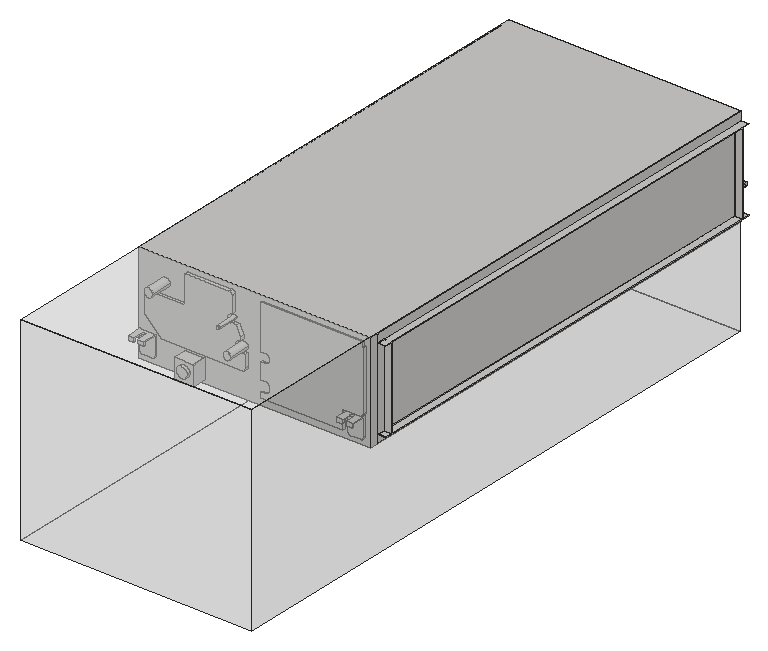
Revit family "outputfile", category 機械設備, Revit 2024
Family settings
  丸型コネクタ寸法 = 半径を使用
  パーツ タイプ = 標準
  OmniClass 番号 = 23.75.10.24.21.27.27
  OmniClass タイトル = Split System Air Conditioning Units
  作業面ベース = いいえ
  常に垂直 = はい
  ロード時にボイドで切り取り = いいえ
  注釈の向きを維持 = いいえ
  共有 = いいえ
  部屋計算ポイント = はい
Parameters (values of type "FXMQ250BFV24")
  Description = ""
  製造元 = "Daikin"
  書き出し IFC クラス(タイプ) = "IfcUnitaryEquipmentType"
  定義済み IFC タイプ(タイプ) = "AIRCONDITIONINGUNIT"
  Cost = 0
  モデル = "FXMQ250BFV24"
  Type Comments = ""
  Keynote = ""
  Type Image = (empty or 0)
  Assembly Code = ""
  w_dischargeflange = 1205.0 mm
  w_suctionflange = 1370.0 mm
  r_Liquid Pipe Size = Liquid Pipe Size / 2  # 4.75 mm
  r_Gas Pipe Size = Gas Pipe Size / 2  # 11.1 mm
  r_Drain Pipe Size = Drain Pipe Size / 2  # 12.5 mm
  lw_powersupply = 380.0 mm  # constant formula
  lw_mountinghole_pitch = 631.0 mm  # constant formula
  lw_mountinghole = 27.0 mm  # constant formula
  lw_maintenacesocket = 169.0 mm  # constant formula
  lw_liquidpipe = 290.0 mm  # constant formula
  lw_gaspipe = 318.0 mm  # constant formula
  lw_drainpipe = 80.0 mm  # constant formula
  lh_dischargeflange = 165.0 mm  # constant formula
  lh_powersupply = 56.0 mm  # constant formula
  lh_maintenacesocket = 40.0 mm  # constant formula
  lh_liquidpipe = 212.0 mm  # constant formula
  lh_gaspipe = 144.0 mm  # constant formula
  lh_drainpipe = 232.0 mm  # constant formula
  lh_suctionflange = 150.0 mm  # constant formula
  lh_antena = Height - lh_mountinghole + 1.0 mm  # 221.0 mm
  ld_dischargeflange = 635.0 mm
  ld_powersupply = Depth / 2  # 700.0 mm
  ld_mountinghole_pitch = 1438.0 mm
  ld_suctionflange = 713.0 mm
  h_dischargeflange = 265.0 mm  # constant formula
  lh_mountinghole = 80.0 mm  # constant formula
  h_mountinghole = [h***] + lh_mountinghole  # 80.0 mm
  h_suctionflange = 297.0 mm  # constant formula
  h*** = 0.0 mm  # constant formula
  d_dischargeflange = 25.0 mm  # constant formula
  d_pipe = 65.0 mm
  d_suctionflange = 25.0 mm  # constant formula
  Width = 700.0 mm
  Voltage_comment_50Hz = "220-240"
  Voltage_50Hz = 230 V
  Version = "ver.1.0"
  Unit Type = "Outdoor Air Processing Unit"
  Unit Mass Weight = 47.00 kg
  Unit Designation [instance] = ""
  Uniclass2015Version = "Products v1.30"
  Uniclass2015Title = "Variable refrigerant flow units"
  Uniclass2015Code = "Pr_70_65_03_94"
  URL = ""
  Total Cooling Capacity [instance] = 0.000 kW
  Supply Air Direction [instance] = yes
  Sound Pressure Level_M speed (dBA) = 36
  Sound Pressure Level_L speed (dBA) = 27
  Sound Pressure Level_H speed (dBA) = 44
  Sound Power Level_H speed (dB) = 0
  Series = "VRV Fan Coil Unit"
  Sensible Cooling Capacity [instance] = 0.000 kW
  SA Duct Size Width = 1160.0 mm
  SA Duct Size Height = 215.0 mm
  Refrigerant Type = "R410A"
  Power Input (Cooling) = 0.180 kW
  Phase_50Hz = 1
  Option Accessory 3 [instance] = ""
  Option Accessory 2 [instance] = ""
  Option Accessory 1 [instance] = ""
  OA Duct Size Width = 1325.0 mm
  OA Duct Size Height = 247.0 mm
  Nominal Cooling Capacity = 28.000 kW
  Minimum External Static Pressure = 50.00 Pa
  Minimum Circuit Amps_50Hz = 3.38 A
  Minimum Airflow = 1080.00 m³/h
  Median Airflow = 1620.00 m³/h
  Maximum Fuse Amps_50Hz = 16.0 A
  Maximum External Static Pressure = 200.00 Pa
  Maximum Airflow = 2160.00 m³/h
  Material_Casing = DAIKIN_GalvanizedSteel_Casing_indoorunit
  Load Classification = HVAC
  Liquid Pipe Size = 9.5 mm
  Link_Nested Family [instance] = ""
  IfcVersion = "0"
  IfcExportType = "AIRCONDITIONINGUNIT"
  IfcExportAs = "IfcUnitaryEquipmentType"
  Height = 300.0 mm
  Heat Exchanger Type = "Cross Fin Coil"
  Gas Pipe Size = 22.2 mm
  Frequency_50Hz = 50 Hz
  Fan Type = "Sirocco Fan"
  Fan Drive = "Direct Drive"
  FCU Tag No. [instance] = ""
  Drain Pipe Size = 25.0 mm
  Design Supply Airflow [instance] = 0.00 m³/h
  Design Outdoor Airflow [instance] = 0.00 m³/h
  Design External Static Pressure [instance] = 0.00 Pa
  Depth = 1400.0 mm
  既定の高さ = 0.0 mm
  Cooling Entering Wet Bulb Temperature [instance] = 0.00 °C
  Cooling Entering Dry Bulb Temperature [instance] = 0.00 °C
  Cooling Ambient Wet Bulb Temperature [instance] = 0.00 °C
  Cooling Ambient Dry Bulb Temperature [instance] = 0.00 °C
  Clearance visibility [instance] = yes
  Clearance Top = 0.0 mm
  Clearance Right = 0.0 mm
  Clearance Rear = 0.0 mm
  Clearance Left = 0.0 mm
  Clearance Front = 450.0 mm
  Clearance Bottom = 300.0 mm
Reference planes
  plane 1 "Center (Front/Back)": y = 0
  plane 2: z = 0
  plane 3 "Center (Left/Right)": x = 0
  plane 4 "Back": y = 700
  plane 5 "Front": y = -700
  plane 6 "Left": x = -350
  plane 7 "Right": x = 350
  plane 8 "Top": z = 0
  plane 9 "Bottom": z = -300
  plane 10: y = 700
  plane 11: y = -1150
  plane 12: x = 350
  plane 13: x = -350
  plane 14: z = 0
  plane 15: z = -600
  plane 16: y = -706
  plane 17: y = -710
  plane 18: y = -741
  plane 19: y = -749
  plane 20: y = -765
  plane 21 "ld_drainpipe": x = -270
  plane 22 "ld_liquidpipe": x = -60
  plane 23 "ld_gaspipe": x = -32
  plane 24 "lh_gaspipe": z = -156
  plane 25 "lh_drainpipe": z = -68
  plane 26 "lh_liquidpipe": z = -88
  plane 27 "h_mountinghole": z = -220
  plane 28: x = -323
  plane 29: x = 308
  plane 30: y = 719
  plane 31: y = -719
  plane 32 "lh_powersuply": z = -244
  plane 33 "ld_powersupply": x = 30
  plane 34 "lh_suctionflange": z = -150
  plane 35 "ld_suctionflange": y = 13
  plane 36 "ld_dischargeflange": y = 65
  plane 37 "lh_dischargeflange": z = -135
  plane 38 "lh_maintenacesocket": z = -260
  plane 39 "lw_maintenacesocket": x = -181
Forms (mm)
  Extrusion 1, solid, material "DAIKIN_GalvanizedSteel_Casing_indoorunit" <- "Material_Casing"
    sketch origin (0, 0, 0) x (1, 0, 0) y (0, 0, 1)
      loop
        line (-350, 0) -> (-350, -300) -> (350, -300) -> (350, 0) -> (-350, 0)
    from -700 to 700
  Extrusion 2, solid, material "DAIKIN_GalvanizedSteel_Casing_indoorunit" <- "Material_Casing"
    sketch origin (0, 0, 0) x (1, 0, 0) y (0, 0, 1)
      loop
        line (23.104, -151.299) -> (41.1, -151.326)
        arc (41.1, -151.326) -> (46.767, -153.673) -> (49.114, -159.34) r 8.015
        line (49.114, -159.34) -> (49.104, -169.302)
        arc (49.104, -169.302) -> (46.761, -174.959) -> (41.104, -177.302) r 8
        line (41.104, -177.302) -> (23.104, -177.302) -> (23.104, -227.302) -> (41.104, -227.302)
        arc (41.104, -227.302) -> (46.761, -229.645) -> (49.104, -235.302) r 8
        line (49.104, -235.302) -> (49.104, -251.302)
        arc (49.104, -251.302) -> (46.761, -256.959) -> (41.104, -259.302) r 8
        line (41.104, -259.302) -> (23.104, -259.302) -> (23.104, -274.802) -> (271.104, -274.802) -> (271.104, -224.802)
        arc (271.104, -224.802) -> (272.568, -221.266) -> (276.104, -219.802) r 5
        line (276.104, -219.802) -> (327.104, -219.802)
        spline (327.104, -219.802) -> (327.496, -219.776) -> (327.88, -219.7) -> (328.252, -219.574) -> (328.604, -219.4) -> (328.93, -219.182) -> (329.225, -218.923) -> (329.484, -218.628) -> (329.702, -218.302) -> (329.876, -217.95) -> (330.002, -217.578) -> (330.078, -217.194) -> (330.104, -216.802)
        line (330.104, -216.802) -> (330.104, -213) -> (332, -213)
        arc (332, -213) -> (334.121, -212.121) -> (335, -210) r 3
        line (335, -210) -> (335, -32)
        arc (335, -32) -> (334.121, -29.879) -> (332, -29) r 3
        line (332, -29) -> (330.104, -29) -> (330.104, -15.8) -> (23.104, -15.8) -> (23.104, -151.299)
    from 700 to 706
  Extrusion 3, solid, material "DAIKIN_GalvanizedSteel_Casing_indoorunit" <- "Material_Casing"
    sketch origin (0, 0, 0) x (1, 0, 0) y (0, 0, 1)
      loop
        line (-70, -15.8) -> (-201, -15.8)
        arc (-201, -15.8) -> (-203.121, -16.679) -> (-204, -18.8) r 3
        line (-204, -18.8) -> (-204, -102) -> (-321, -102)
        arc (-321, -102) -> (-323.121, -102.879) -> (-324, -105) r 3
        line (-324, -105) -> (-324, -167.757)
        arc (-324, -167.757) -> (-323.772, -168.905) -> (-323.121, -169.879) r 3
        line (-323.121, -169.879) -> (-274.879, -218.121)
        arc (-274.879, -218.121) -> (-273.905, -218.772) -> (-272.757, -219) r 3
        line (-272.757, -219) -> (-30, -219)
        arc (-30, -219) -> (-22.929, -216.071) -> (-20, -209) r 10
        line (-20, -209) -> (-20, -172.5) -> (-26.169, -172.5)
        arc (-26.169, -172.5) -> (-49.051, -159.94) -> (-34, -138.615) r 17.5
        line (-34, -138.615) -> (-34, -127.5) -> (-47, -100.5) -> (-56.429, -100.5)
        arc (-56.429, -100.5) -> (-72.874, -89.803) -> (-60, -75) r 13
        line (-60, -75) -> (-60, -25.8)
        arc (-60, -25.8) -> (-62.929, -18.729) -> (-70, -15.8) r 10
    from 710 to 700
  Extrusion 4, solid, material "DAIKIN_GalvanizedSteel_Casing_indoorunit" <- "Material_Casing"
    sketch origin (0, 0, 0) x (1, 0, 0) y (0, 0, 1)
      loop
        line (-209.102, -232.7) -> (-209.102, -292.398) -> (-152.898, -292.398) -> (-152.898, -232.7)
        arc (-152.898, -232.7) -> (-153.133, -232.133) -> (-153.7, -231.898) r 0.802
        line (-153.7, -231.898) -> (-208.298, -231.898)
        arc (-208.298, -231.898) -> (-208.865, -232.133) -> (-209.102, -232.7) r 0.802
    from 700 to 741
  Extrusion 5, solid, material "DAIKIN_GalvanizedSteel_Casing_indoorunit" <- "Material_Casing"
    sketch origin (0, 0, 0) x (1, 0, 0) y (0, 0, 1)
      loop
        circle (-181, -260) r 16.5
    from 741 to 749
  Extrusion 6, solid, material "DAIKIN_GalvanizedSteel_Casing_indoorunit" <- "Material_Casing"
    sketch origin (0, 0, 0) x (1, 0, 0) y (0, 0, 1)
      loop
        circle (-270, -68) r 12.5
      loop
        circle (-60, -88) r 4.75
      loop
        circle (-32, -156) r 11.1
    from 700 to 765
Dimensions and locks
  "Height": plane 8 "Top" to plane 9 "Bottom"
  equal spacing: plane 6 "Left", plane 3 "Center (Left/Right)", plane 7 "Right", locked at 350 each
  "Width": plane 6 "Left" to plane 7 "Right"
  equal spacing: plane 4 "Back", plane 1 "Center (Front/Back)", plane 5 "Front"
  "Depth": plane 4 "Back" to plane 5 "Front"
  "Clearance Left": plane 13 to plane 6 "Left"
  "Clearance Right": plane 7 "Right" to plane 12
  "Clearance Rear": plane 10 to plane 4 "Back"
  "Clearance Front": plane 5 "Front" to plane 11
  "Clearance Top": plane 14 to plane 8 "Top"
  "Clearance Bottom": plane 9 "Bottom" to plane 15
  Extrusion 2 sketch curve to Extrusion 2 sketch curve to Extrusion 2 sketch curve = 307.0 mm locked, 4.896 mm locked
  Extrusion 2 sketch curve to Extrusion 2 sketch curve to Extrusion 2 sketch curve to Extrusion 2 sketch curve to Extrusion 2 sketch curve = 26.0 mm locked, 222.0 mm locked, 59.0 mm locked, 4.896 mm locked
  locked: Extrusion 2 sketch curve to Extrusion 2 sketch curve at 26.01
  locked: Extrusion 2 sketch curve to nested 1 at 23.104
  locked: Extrusion 2 sketch curve to plane 3 "Center (Left/Right)" at 23.104
  plane 3 "Center (Left/Right)" to Extrusion 2 sketch curve = 23.104 mm
  Extrusion 2 sketch curve to Extrusion 2 sketch curve to Extrusion 2 sketch curve to Extrusion 2 sketch curve to Extrusion 2 sketch curve = 161.502 mm locked, 50.0 mm locked, 32.0 mm locked, 15.5 mm locked
  locked: Extrusion 2 sketch curve to Extrusion 2 sketch curve at 68.127
  locked: Extrusion 2 sketch curve to Extrusion 2 sketch curve at 13.2
  locked: Extrusion 2 sketch curve to Extrusion 2 sketch curve at 6.802
  locked: Extrusion 2 sketch curve to Extrusion 2 sketch curve at 55
  locked: plane 5 "Front" to plane 16 at 6
  locked: plane 5 "Front" to plane 17 at 10
  locked: plane 5 "Front" to plane 18 at 41
  "d_pipe": plane 5 "Front" to plane 20
  "lw_drainpipe": plane 6 "Left" to plane 21 "ld_drainpipe"
  "lw_liquidpipe": plane 6 "Left" to plane 22 "ld_liquidpipe"
  "lw_gaspipe": plane 6 "Left" to plane 23 "ld_gaspipe"
  "lh_gaspipe": plane 24 "lh_gaspipe" to plane 9 "Bottom"
  "lh_liquidpipe": plane 26 "lh_liquidpipe" to plane 9 "Bottom"
  "lh_drainpipe": plane 25 "lh_drainpipe" to plane 9 "Bottom"
  "lh_mountinghole": plane 27 "h_mountinghole" to plane 9 "Bottom"
  "lw_mountinghole": plane 6 "Left" to plane 28
  "lw_mountinghole_pitch": plane 28 to plane 29
  equal spacing: plane 30, plane 1 "Center (Front/Back)", plane 31
  "ld_mountinghole_pitch": plane 30 to plane 31
  locked: Extrusion 3 sketch curve to plane 6 "Left" at 146
  locked: Extrusion 3 sketch curve to plane 6 "Left" at 290
  locked: plane 6 "Left" to Extrusion 3 sketch curve at 26
  locked: Extrusion 3 sketch curve to plane 6 "Left" at 316
  locked: Extrusion 3 sketch curve to plane 6 "Left" at 330
  locked: Extrusion 3 sketch curve to plane 9 "Bottom" at 81
  locked: Extrusion 3 sketch curve to plane 9 "Bottom" at 284.2
  locked: Extrusion 3 sketch curve to plane 9 "Bottom" at 199.5
  locked: Extrusion 3 sketch curve to plane 9 "Bottom" at 127.5
  locked: Extrusion 3 sketch curve to plane 9 "Bottom" at 198
  "lh_powersupply": plane 32 "lh_powersuply" to plane 9 "Bottom"
  "lw_powersupply": plane 6 "Left" to plane 33 "ld_powersupply"
  "lh_suctionflange": plane 34 "lh_suctionflange" to plane 9 "Bottom"
  "ld_suctionflange": plane 35 "ld_suctionflange" to plane 5 "Front"
  "ld_dischargeflange": plane 4 "Back" to plane 36 "ld_dischargeflange"
  "lh_dischargeflange": plane 37 "lh_dischargeflange" to plane 9 "Bottom"
  locked: plane 5 "Front" to plane 19 at 49
  "lh_maintenacesocket": plane 38 "lh_maintenacesocket" to plane 9 "Bottom"
  "lw_maintenacesocket": plane 6 "Left" to plane 39 "lw_maintenacesocket"
  equal spacing: Extrusion 4 sketch curve, plane 39 "lw_maintenacesocket", Extrusion 4 sketch curve
  locked: Extrusion 4 sketch curve to Extrusion 4 sketch curve at 56.204
  Extrusion 4 sketch curve to plane 38 "lh_maintenacesocket" to Extrusion 4 sketch curve = 28.102 mm locked, 32.398 mm locked
  "r_Drain Pipe Size": radius of Extrusion 6 sketch curve
  "r_Liquid Pipe Size": radius of Extrusion 6 sketch curve
  "r_Gas Pipe Size": radius of Extrusion 6 sketch curve
  aligned and locked: level to plane 2
  aligned and locked: Extrusion 1 sketch curve to plane 8 "Top"
  aligned and locked: plane 6 "Left" to Extrusion 1 sketch curve
  aligned and locked: plane 9 "Bottom" to Extrusion 1 sketch curve
  aligned and locked: Extrusion 1 sketch curve to plane 7 "Right"
  aligned and locked: plane 4 "Back" to Extrusion 1
  aligned and locked: Extrusion 1 to plane 5 "Front"
  aligned and locked: plane 10 to nested 1
  aligned and locked: plane 11 to nested 1
  aligned and locked: plane 12 to nested 1
  aligned and locked: nested 1 to plane 13
  aligned and locked: plane 15 to nested 1
  aligned and locked: plane 14 to nested 1
  aligned and locked: Extrusion 2 to plane 16
  aligned and locked: plane 5 "Front" to Extrusion 2
  aligned and locked: Extrusion 4 to plane 18
  aligned and locked: plane 5 "Front" to Extrusion 4
  aligned and locked: Extrusion 5 to plane 19
  aligned and locked: plane 18 to Extrusion 5
  aligned and locked: plane 25 "lh_drainpipe" to Extrusion 6 sketch curve
  aligned and locked: plane 21 "ld_drainpipe" to Extrusion 6 sketch curve
  aligned and locked: plane 26 "lh_liquidpipe" to Extrusion 6 sketch curve
  aligned and locked: plane 22 "ld_liquidpipe" to Extrusion 6 sketch curve
  aligned and locked: plane 23 "ld_gaspipe" to Extrusion 6 sketch curve
  aligned and locked: plane 24 "lh_gaspipe" to Extrusion 6 sketch curve
  aligned and locked: Extrusion 6 to plane 20
  aligned and locked: plane 5 "Front" to Extrusion 6
  aligned and locked: nested 2 to plane 5 "Front"
  aligned and locked: nested 2 to plane 21 "ld_drainpipe"
  aligned and locked: plane 25 "lh_drainpipe" to nested 2
  aligned and locked: nested 3 to plane 5 "Front"
  aligned and locked: nested 4 to plane 5 "Front"
  aligned and locked: plane 26 "lh_liquidpipe" to nested 3
  aligned and locked: plane 24 "lh_gaspipe" to nested 4
  aligned and locked: plane 29 to nested 5
  aligned and locked: plane 4 "Back" to nested 5
  aligned and locked: plane 27 "h_mountinghole" to nested 5
  aligned and locked: plane 28 to nested 6
  aligned and locked: plane 4 "Back" to nested 6
  aligned and locked: plane 27 "h_mountinghole" to nested 6
  aligned and locked: nested 7 to plane 29
  aligned and locked: plane 5 "Front" to nested 7
  aligned and locked: plane 5 "Front" to nested 8
  aligned and locked: nested 8 to plane 28
  aligned and locked: nested 7 to plane 27 "h_mountinghole"
  aligned and locked: nested 8 to plane 27 "h_mountinghole"
  aligned and locked: Extrusion 3 to plane 17
  aligned and locked: plane 5 "Front" to Extrusion 3
  aligned and locked: nested 11 to plane 28
  aligned and locked: nested 11 to plane 30
  aligned and locked: nested 12 to plane 29
  aligned and locked: nested 12 to plane 30
  aligned and locked: nested 9 to plane 29
  aligned and locked: plane 31 to nested 9
  aligned and locked: nested 10 to plane 28
  aligned and locked: plane 31 to nested 10
  aligned and locked: nested 13 to plane 32 "lh_powersuply"
  aligned and locked: plane 1 "Center (Front/Back)" to nested 14
  aligned and locked: nested 14 to plane 3 "Center (Left/Right)"
  aligned and locked: plane 34 "lh_suctionflange" to nested 15
  aligned and locked: plane 7 "Right" to nested 15
  aligned and locked: plane 35 "ld_suctionflange" to nested 15
  aligned and locked: nested 16 to plane 36 "ld_dischargeflange"
  aligned and locked: nested 16 to plane 6 "Left"
  aligned and locked: plane 37 "lh_dischargeflange" to nested 16
  aligned and locked: nested 17 to plane 6 "Left"
  aligned and locked: nested 17 to plane 36 "ld_dischargeflange"
  aligned and locked: plane 7 "Right" to nested 18
  aligned and locked: plane 35 "ld_suctionflange" to nested 18
  aligned and locked: nested 18 to plane 34 "lh_suctionflange"
  aligned and locked: nested 17 to plane 37 "lh_dischargeflange"
  aligned and locked: plane 38 "lh_maintenacesocket" to Extrusion 5 sketch curve
  aligned and locked: plane 39 "lw_maintenacesocket" to Extrusion 5 sketch curve
  aligned and locked: nested 3 to plane 22 "ld_liquidpipe"
  aligned and locked: nested 4 to plane 23 "ld_gaspipe"
  aligned and locked: nested 13 to plane 33 "ld_powersupply"
  aligned and locked: level to plane 8 "Top"
Automatic sketch dimensions
  Extrusion 2 sketch curve to Extrusion 2 sketch curve = 0.027 mm
  Extrusion 2 sketch curve to Extrusion 2 sketch curve = 8.015 mm
  Extrusion 2 sketch curve to Extrusion 2 sketch curve = 8.01 mm
  Extrusion 2 sketch curve to Extrusion 2 sketch curve = 0.0 mm  (x4)
  Extrusion 2 sketch curve to Extrusion 2 sketch curve = 8.0 mm  (x3)
  Extrusion 2 sketch curve to Extrusion 2 sketch curve = 5.0 mm
  Extrusion 2 sketch curve to Extrusion 2 sketch curve = 3.0 mm  (x2)
  Extrusion 2 sketch curve to Extrusion 2 sketch curve = 1.896 mm  (x2)
  Extrusion 2 sketch curve to plane 8 "Top" = 15.8 mm
  Extrusion 4 sketch curve to Extrusion 4 sketch curve = 0.804 mm
  Extrusion 4 sketch curve to Extrusion 4 sketch curve = 0.802 mm  (x2)
  Extrusion 4 sketch curve to Extrusion 4 sketch curve = 0.0 mm
  plane 23 "ld_gaspipe" to Extrusion 3 sketch curve = 0.0 mm
  Extrusion 3 sketch curve to plane 24 "lh_gaspipe" = 0.0 mm
  Extrusion 3 sketch curve to plane 26 "lh_liquidpipe" = 0.0 mm
  plane 28 to Extrusion 3 sketch curve = 0.121 mm
  Extrusion 3 sketch curve to plane 28 = 2.0 mm  (x2)
  plane 21 "ld_drainpipe" to Extrusion 3 sketch curve = 4.879 mm
  plane 21 "ld_drainpipe" to Extrusion 3 sketch curve = 2.757 mm
  Extrusion 3 sketch curve to Extrusion 3 sketch curve = 3.0 mm  (x2)
  plane 22 "ld_liquidpipe" to Extrusion 3 sketch curve = 10.0 mm
  Extrusion 3 sketch curve to plane 22 "ld_liquidpipe" = 3.571 mm
  Extrusion 3 sketch curve to Extrusion 3 sketch curve = 9.429 mm
  Extrusion 3 sketch curve to plane 23 "ld_gaspipe" = 2.0 mm
  Extrusion 3 sketch curve to plane 23 "ld_gaspipe" = 5.831 mm
  Extrusion 3 sketch curve to plane 24 "lh_gaspipe" = 11.757 mm
  Extrusion 3 sketch curve to Extrusion 3 sketch curve = 11.115 mm
  radius of Extrusion 5 sketch curve = 16.5 mm
Nested families
  nested 1: "daikin_clearancespace" at (0, -225, -299.881), visible <- "Clearance visibility", show <- "Clearance visibility", Link_Nested Family <- "Link_Nested Family", type "daikin_clearancespace"
    with width 700.0 mm, show yes, height 600.0 mm, depth 1850.0 mm, Link_Nested Family ""
  nested 2: "daikin_connector_rotate2" at (-270, -700, -68), length <- "d_pipe", radius <- "r_Drain Pipe Size", type "daikin_connector_rotate2"
    with radius 12.5 mm, length 65.0 mm, angle_vertical 90.00°, show_face no
  nested 3: "daikin_connector_rotate2" at (-60, -700, -88), length <- "d_pipe", radius <- "r_Liquid Pipe Size", type "daikin_connector_rotate2"
    with radius 4.75 mm, length 65.0 mm, angle_vertical 90.00°, show_face no
  nested 4: "daikin_connector_rotate2" at (-32, -700, -156), length <- "d_pipe", radius <- "r_Gas Pipe Size", type "daikin_connector_rotate2"
    with radius 11.1 mm, length 65.0 mm, angle_vertical 90.00°, show_face no
  nested 5: "daikin_hangerfixture_FXMQ-BFV24" at (308, 700, -220) x (-1, 0, 0) z (0, 0, 1), type "daikin_hangerfixture_FXMQ-BFV24"
  nested 6: "daikin_hangerfixture_FXMQ-BFV24" at (-323, 700, -220) x (-1, 0, 0) z (0, 0, 1), type "daikin_hangerfixture_FXMQ-BFV24"
  nested 7: "daikin_hangerfixture_FXMQ-BFV24" at (308, -700, -220) x (-1, 0, 0) z (0, 0, 1), type "daikin_hangerfixture_FXMQ-BFV24"
  nested 8: "daikin_hangerfixture_FXMQ-BFV24" at (-323, -700, -220) x (-1, 0, 0) z (0, 0, 1), type "daikin_hangerfixture_FXMQ-BFV24"
  nested 9: "daikin_mountinghole" at (308, -719, -300), Link_Nested Family <- "Link_Nested Family", l_antenna <- "lh_antena", h_mountinghole <- "h_mountinghole", type "daikin_mountinghole"
    with show yes, l_antenna 221.0 mm, h_mountinghole 80.0 mm, Link_Nested Family ""
  nested 10: "daikin_mountinghole" at (-323, -719, -300), Link_Nested Family <- "Link_Nested Family", l_antenna <- "lh_antena", h_mountinghole <- "h_mountinghole", type "daikin_mountinghole"
    with show yes, l_antenna 221.0 mm, h_mountinghole 80.0 mm, Link_Nested Family ""
  nested 11: "daikin_mountinghole" at (-323, 719, -300), Link_Nested Family <- "Link_Nested Family", l_antenna <- "lh_antena", h_mountinghole <- "h_mountinghole", type "daikin_mountinghole"
    with show yes, l_antenna 221.0 mm, h_mountinghole 80.0 mm, Link_Nested Family ""
  nested 12: "daikin_mountinghole" at (308, 719, -300), Link_Nested Family <- "Link_Nested Family", l_antenna <- "lh_antena", h_mountinghole <- "h_mountinghole", type "daikin_mountinghole"
    with show yes, l_antenna 221.0 mm, h_mountinghole 80.0 mm, Link_Nested Family ""
  nested 13: "daikin_connector_rotate2" at (30, 0, -244), length <- "ld_powersupply", type "daikin_connector_rotate2"
    with radius 10.0 mm, length 700.0 mm, angle_vertical 90.00°, show_face no
  nested 14: "daikin_△_symbolicline" at (0, 0, 300) x (0, -1, 0) z (0, 0, 1), visible <- "Supply Air Direction", built-in parameter 1001364 <- "Height", type "daikin_△_symbolicline"
    with length 300.0 mm
  nested 15: "daikin_ductflange_FXMQ-BFV24" at (350, 13, -298.5) x (0, 1, 0) z (0, 0, 1), depth <- "d_suctionflange", height <- "h_suctionflange", width <- "w_suctionflange", material <- "Material_Casing", type "daikin_ductflange_FXMQ-BFV24"
    with width 1370.0 mm, top1 25.0 mm, right1 22.5 mm, material DAIKIN_GalvanizedSteel_Casing_indoorunit, left1 22.5 mm, height 297.0 mm, depth 25.0 mm, Bottom1 25.0 mm
  nested 16: "daikin_ductflange_FXMQ-BFV24" at (-350, 65, -267.5) x (0, -1, 0) z (0, 0, 1), material <- "Material_Casing", depth <- "d_dischargeflange", height <- "h_dischargeflange", width <- "w_dischargeflange", type "daikin_ductflange_FXMQ-BFV24"
    with width 1205.0 mm, top1 25.0 mm, right1 22.5 mm, material DAIKIN_GalvanizedSteel_Casing_indoorunit, left1 22.5 mm, height 265.0 mm, depth 25.0 mm, Bottom1 25.0 mm
  nested 17: "daikin_connector_rotate2" at (-350, 65, -135) x (0, -1, 0) z (0, 0, 1), length <- "d_dischargeflange", type "daikin_connector_rotate2"
    with radius 10.0 mm, length 25.0 mm, angle_vertical 90.00°, show_face no
  nested 18: "daikin_connector_rotate2" at (350, 13, -150) x (0, 1, 0) z (0, 0, 1), length <- "d_suctionflange", type "daikin_connector_rotate2"
    with radius 10.0 mm, length 25.0 mm, angle_vertical 90.00°, show_face no
Connectors
  piping at (-270, -765, -68), diameter 25, driven by "r_Drain Pipe Size"
    settings: on nested 2, index 1, connector inside diameter 609.6 mm, connector length 0.0 mm, flow factor 0, pipe flow 0.00 m³/h, pressure drop 0.0 Pa, fitting loss kfactor 0, connector angle 0.00°, fixture units 0, engagement length 0.0 mm, angle of deflection 0.00°, flow configuration 1, flow direction 2, fitting loss method 4, system type 16, joint type 0, gender type 0, connector reference index -1, connector utility 0, adjustable connector no, is connector primary yes, connector description "Condensate Drain Piping"
  piping at (-60, -765, -88), diameter 9.5, driven by "r_Liquid Pipe Size"
    settings: on nested 3, index 2, connector inside diameter 609.6 mm, connector length 0.0 mm, flow factor 0, pipe flow 0.00 m³/h, pressure drop 0.0 Pa, fitting loss kfactor 0, connector angle 0.00°, fixture units 0, engagement length 0.0 mm, angle of deflection 0.00°, flow configuration 1, flow direction 1, fitting loss method 0, system type 29, joint type 0, gender type 0, connector reference index -1, connector utility 0, adjustable connector no, is connector primary no, connector description "Refrigerant Liquid Piping"
  piping at (-32, -765, -156), diameter 22.2, driven by "r_Gas Pipe Size"
    settings: on nested 4, index 3, connector inside diameter 609.6 mm, connector length 0.0 mm, flow factor 0, pipe flow 0.00 m³/h, pressure drop 0.0 Pa, fitting loss kfactor 0, connector angle 0.00°, fixture units 0, engagement length 0.0 mm, angle of deflection 0.00°, flow configuration 1, flow direction 2, fitting loss method 0, system type 29, joint type 0, gender type 0, connector reference index -1, connector utility 0, adjustable connector no, is connector primary no, connector description "Refrigerant Gas Piping"
  electrical at (30, -700, -244), driven by "Load Classification"
    settings: on nested 13, index 4, voltage 0 V, apparent load 0 VA, apparent load phase1 0 VA, apparent load phase2 0 VA, apparent load phase3 0 VA, power factor 1, load classification "HVAC", number of poles 1, system type 30, power factor state 1, is connector primary yes, connector utility no, sub classification motor no, connector description "Power Supply"
  hvac at (375, 13, -150), driven by "OA Duct Size Height", driven by "OA Duct Size Width"
    settings: on nested 15, index 5, duct flow 0.00 m³/h, flow factor 0, pres drop 0.00 Pa, loss coef 0, conn angle 0.00°, conn width 1325.0 mm, conn height 247.0 mm, conn diameter 609.6 mm, duct sys type 1, conn prof type 1, flow config 0, flow direction 1, loss method 4, conn ref index -1, conn util no, is conn primary no, conn desc "OA Duct"
  hvac at (-375, 65, -135), driven by "SA Duct Size Height", driven by "SA Duct Size Width"
    settings: on nested 16, index 6, duct flow 0.00 m³/h, flow factor 0, pres drop 0.00 Pa, loss coef 0, conn angle 0.00°, conn width 1160.0 mm, conn height 215.0 mm, conn diameter 609.6 mm, duct sys type 1, conn prof type 1, flow config 0, flow direction 2, loss method 4, conn ref index -1, conn util no, is conn primary yes, conn desc "SA Duct"
Definition of nested family "daikin_clearancespace"
  Parameters (values of type "daikin_clearancespace")
    width [instance] = 1823.963 mm
    show [instance] = yes
    material = none
    height [instance] = 1359.762 mm
    depth [instance] = 880.0 mm
    Default Elevation = 0.0 mm
    Link_Nested Family [instance] = ""
  Reference planes
    plane 1 "Center (Front/Back)": y = 0
    plane 2 "Center (Elevation)": z = -0.119
    plane 3 "Center (Left/Right)": x = 0
    plane 4: y = 440
    plane 5: y = -440
    plane 6 "Right": x = 911.982
    plane 7 "Left": x = -911.982
    plane 8 "Top": z = 679.762
    plane 9 "Bottom": z = -680
  Forms (mm)
    Extrusion 1, solid, material <- "material", visible <- "show"
      sketch origin (0, 0, 0) x (1, 0, 0) y (0, 1, 0)
        loop
          line (-911.982, 440) -> (-911.982, -440) -> (911.982, -440) -> (911.982, 440) -> (-911.982, 440)
      from -680 to 679.762
  Lines and regions (mm)
    symbolic lines, visible <- "show"
      curve 1: line (911.982, 440, 0) -> (-911.982, 440, 0)
      curve 2: line (-911.982, 440, 0) -> (-911.982, -440, 0)
      curve 3: line (-911.982, -440, 0) -> (911.982, -440, 0)
      curve 4: line (911.982, -440, 0) -> (911.982, 440, 0)
      curve 5: line (911.982, 0, 679.762) -> (-911.982, 0, 679.762)
      curve 6: line (911.982, 0, -680) -> (911.982, 0, 679.762)
      curve 7: line (-911.982, 0, -680) -> (911.982, 0, -680)
      curve 8: line (-911.982, 0, 679.762) -> (-911.982, 0, -680)
      curve 9: line (0, 440, 679.762) -> (0, -440, 679.762)
      curve 10: line (0, -440, 679.762) -> (0, -440, -680)
      curve 11: line (0, 440, -680) -> (0, 440, 679.762)
      curve 12: line (0, -440, -680) -> (0, 440, -680)
  Dimensions and locks
    "width": plane 7 "Left" to plane 6 "Right"
    "depth": plane 4 to plane 5
    "height": plane 8 "Top" to plane 9 "Bottom"
    equal spacing: plane 7 "Left", plane 3 "Center (Left/Right)", plane 6 "Right"
    equal spacing: plane 4, plane 1 "Center (Front/Back)", plane 5
    equal spacing: plane 8 "Top", plane 2 "Center (Elevation)", plane 9 "Bottom"
    aligned and locked: level to plane 2 "Center (Elevation)"
    aligned and locked: Extrusion 1 sketch curve to plane 4
    aligned and locked: plane 7 "Left" to Extrusion 1 sketch curve
    aligned and locked: Extrusion 1 sketch curve to plane 5
    aligned and locked: Extrusion 1 sketch curve to plane 6 "Right"
    aligned and locked: plane 8 "Top" to Extrusion 1
    aligned and locked: curve 1 to Extrusion 1
    aligned and locked: curve 2 to Extrusion 1
    aligned and locked: curve 3 to Extrusion 1
    aligned and locked: curve 4 to Extrusion 1
    aligned and locked: curve 5 to Extrusion 1
    aligned and locked: curve 6 to Extrusion 1
    aligned and locked: curve 7 to Extrusion 1
    aligned and locked: curve 8 to Extrusion 1
    aligned and locked: curve 9 to Extrusion 1
    aligned and locked: curve 10 to Extrusion 1
    aligned and locked: curve 11 to Extrusion 1
    aligned and locked: curve 12 to Extrusion 1
    aligned and locked: Extrusion 1 to plane 9 "Bottom"
Definition of nested family "daikin_hangerfixture_FXMQ-BFV24"
  Parameters (values of type "daikin_hangerfixture_CeilingMountedDuct")
    width = 48.0 mm
    material = none
    height = 65.0 mm
    depth = 45.0 mm
    Default Elevation = 0.0 mm
  Reference planes
    plane 1 "Center (Front/Back)": y = 0
    plane 2: z = 0
    plane 3 "Center (Left/Right)": x = 0
    plane 4: y = 417.146
    plane 5: y = -45
    plane 6: x = -24
    plane 7: x = 24
    plane 8: z = -2.3
    plane 9: z = -65
    plane 10: y = -2.3
    plane 11: z = -12
    plane 12: y = -42.7
  Forms (mm)
    Extrusion 1, solid, material <- "material"
      sketch origin (0, 0, 0) x (1, 0, 0) y (0, 1, 0)
        loop
          line (24, 0) -> (-24, 0) -> (-24, -45) -> (-6, -45) -> (-6, -19)
          arc (-6, -19) -> (0, -13) -> (6, -19) r 6
          line (6, -19) -> (6, -45) -> (24, -45) -> (24, 0)
      from 0 to -2.3
    Extrusion 2, solid, material <- "material"
      sketch origin (0, 0, 0) x (1, 0, 0) y (0, 0, 1)
        loop
          line (24, -55) -> (24, 0) -> (-24, 0) -> (-24, -55)
          arc (-24, -55) -> (-21.071, -62.071) -> (-14, -65) r 10
          line (-14, -65) -> (14, -65)
          arc (14, -65) -> (21.071, -62.071) -> (24, -55) r 10
      from 0 to 2.3
    Extrusion 3, solid, material <- "material"
      sketch origin (0, 0, 0) x (1, 0, 0) y (0, 0, 1)
        loop
          line (-6, -9) -> (-6, 0) -> (-24, 0) -> (-24, -9)
          arc (-24, -9) -> (-23.121, -11.121) -> (-21, -12) r 3
          line (-21, -12) -> (-9, -12)
          arc (-9, -12) -> (-6.879, -11.121) -> (-6, -9) r 3
        loop
          line (6, 0) -> (6, -9)
          arc (6, -9) -> (6.879, -11.121) -> (9, -12) r 3
          line (9, -12) -> (21, -12)
          arc (21, -12) -> (23.121, -11.121) -> (24, -9) r 3
          line (24, -9) -> (24, 0) -> (6, 0)
      from 42.7 to 45
  Cuts and joins
    joined: Extrusion 1, Extrusion 2, Extrusion 3
  Dimensions and locks
    "width": plane 6 to plane 7
    "depth": plane 5 to plane 1 "Center (Front/Back)"
    plane 2 to plane 8 = 2.3 mm
    "height": plane 2 to plane 9
    locked: plane 10 to plane 1 "Center (Front/Back)" at 2.3
    locked: plane 2 to plane 11 at 12
    locked: plane 12 to plane 5 at 2.3
    aligned and locked: level to plane 2
    aligned and locked: Extrusion 1 sketch curve to plane 1 "Center (Front/Back)"
    aligned and locked: plane 7 to Extrusion 1
    aligned and locked: Extrusion 1 to plane 6
    aligned and locked: Extrusion 1 to plane 5  (x2)
    aligned and locked: Extrusion 1 to plane 8
    aligned and locked: plane 2 to Extrusion 1
    aligned and locked: plane 2 to Extrusion 2 sketch curve
    aligned and locked: Extrusion 2 to plane 9
    aligned and locked: Extrusion 2 to plane 10
    aligned and locked: Extrusion 2 to plane 1 "Center (Front/Back)"
    aligned and locked: plane 2 to Extrusion 3 sketch curve  (x2)
    aligned and locked: Extrusion 3 to plane 11  (x2)
    aligned and locked: plane 12 to Extrusion 3
    aligned and locked: Extrusion 3 to plane 5
  Automatic sketch dimensions
    Extrusion 1 sketch curve to plane 6 = 0.0 mm
    Extrusion 1 sketch curve to plane 5 = 0.0 mm  (x2)
    Extrusion 1 sketch curve to plane 3 "Center (Left/Right)" = 0.0 mm
    Extrusion 1 sketch curve to plane 7 = 0.0 mm
    Extrusion 1 sketch curve to plane 3 "Center (Left/Right)" = 6.0 mm
    plane 1 "Center (Front/Back)" to Extrusion 1 sketch curve = 19.0 mm
    Extrusion 2 sketch curve to plane 7 = 0.0 mm
    Extrusion 2 sketch curve to plane 7 = 10.0 mm
    Extrusion 2 sketch curve to plane 8 = 52.7 mm
    plane 6 to Extrusion 2 sketch curve = 10.0 mm
    Extrusion 2 sketch curve to plane 6 = 0.0 mm
    Extrusion 3 sketch curve to plane 6 = 0.0 mm
    Extrusion 3 sketch curve to plane 7 = 0.0 mm
    Extrusion 3 sketch curve to Extrusion 3 sketch curve = 3.0 mm  (x2)
    Extrusion 3 sketch curve to plane 8 = 6.7 mm
    Extrusion 3 sketch curve to plane 3 "Center (Left/Right)" = 9.0 mm
    Extrusion 3 sketch curve to plane 3 "Center (Left/Right)" = 6.0 mm
    plane 3 "Center (Left/Right)" to Extrusion 3 sketch curve = 6.0 mm
    Extrusion 3 sketch curve to plane 7 = 3.0 mm
    Extrusion 3 sketch curve to plane 8 = 9.7 mm
Definition of nested family "daikin_ductflange_FXMQ-BFV24"
  Parameters (values of type "daikin_ductflange_CeilingMountedDuct")
    width [instance] = 670.0 mm
    right1 [instance] = 22.5 mm
    left1 [instance] = 22.5 mm
    Bottom1 [instance] = 25.0 mm
    material [instance] = none
    height [instance] = 272.0 mm
    depth [instance] = 25.0 mm
    top1 [instance] = 25.0 mm
    Default Elevation = 0.0 mm
  Reference planes
    plane 1 "Center (Front/Back)": y = 0
    plane 2: z = 0
    plane 3 "Center (Left/Right)": x = 0
    plane 4: y = -25
    plane 5: x = -335
    plane 6: x = 335
    plane 7 "Top": z = 272
    plane 8: y = -1
    plane 9: x = -312.5
    plane 10: x = 312.5
    plane 11: z = 247
    plane 12: z = 25
    plane 13 "Center (Elevation)": z = 136
  Forms (mm)
    Extrusion 1, solid, material <- "material"
      sketch origin (0, 0, 0) x (1, 0, 0) y (0, 0, 1)
        loop
          line (-335, 272) -> (-335, 0) -> (335, 0) -> (335, 272) -> (-335, 272)
        loop
          line (-312.5, 247) -> (-312.5, 25) -> (312.5, 25) -> (312.5, 247) -> (-312.5, 247)
      from 0 to 1
    Extrusion 2, solid, material <- "material"
      sketch origin (0, 0, 0) x (1, 0, 0) y (0, 1, 0)
        loop
          line (-312.5, -1) -> (-313.496, -1) -> (-313.496, -25) -> (-312.5, -25) -> (-312.5, -1)
        loop
          line (312.5, -1) -> (312.5, -25) -> (313.496, -25) -> (313.496, -1) -> (312.5, -1)
      from 25 to 247
    Extrusion 3, solid, material <- "material"
      sketch origin (0, 0, 0) x (0, 1, 0) y (0, 0, 1)
        loop
          line (-1, 247) -> (-1, 247.958) -> (-25, 247.958) -> (-25, 247) -> (-1, 247)
        loop
          line (-1, 25) -> (-25, 25) -> (-25, 24.042) -> (-1, 24.042) -> (-1, 25)
      from -335 to 335
  Cuts and joins
    joined: Extrusion 1, Extrusion 2, Extrusion 3
  Dimensions and locks
    "height": plane 7 "Top" to plane 2
    "width": plane 5 to plane 6
    equal spacing: plane 5, plane 3 "Center (Left/Right)", plane 6
    "depth": plane 1 "Center (Front/Back)" to plane 4
    locked: plane 8 to plane 1 "Center (Front/Back)" at 1
    "left1": plane 5 to plane 9
    "right1": plane 10 to plane 6
    locked: Extrusion 2 sketch curve to Extrusion 2 sketch curve at 0.996  (x2)
    "top1": plane 7 "Top" to plane 11
    "Bottom1": plane 12 to plane 2
    equal spacing: plane 7 "Top", plane 13 "Center (Elevation)", plane 2
    locked: Extrusion 3 sketch curve to Extrusion 2 at 0.958  (x2)
    aligned and locked: level to plane 2
    aligned and locked: Extrusion 1 sketch curve to plane 7 "Top"
    aligned and locked: plane 5 to Extrusion 1 sketch curve
    aligned and locked: Extrusion 1 sketch curve to plane 6
    aligned and locked: plane 2 to Extrusion 1 sketch curve
    aligned and locked: Extrusion 1 to plane 8
    aligned and locked: Extrusion 2 sketch curve to plane 8
    aligned and locked: Extrusion 2 sketch curve to plane 9
    aligned and locked: plane 8 to Extrusion 2 sketch curve
    aligned and locked: Extrusion 2 sketch curve to plane 10
    aligned and locked: plane 11 to Extrusion 2
    aligned and locked: Extrusion 2 to plane 12
    aligned and locked: plane 8 to Extrusion 3 sketch curve
    aligned and locked: Extrusion 3 sketch curve to plane 11
    aligned and locked: Extrusion 3 sketch curve to plane 8
    aligned and locked: Extrusion 3 sketch curve to plane 12
    aligned and locked: Extrusion 3 to plane 5
    aligned and locked: plane 6 to Extrusion 3
    aligned and locked: plane 4 to Extrusion 2 sketch curve
    aligned and locked: Extrusion 2 sketch curve to plane 4
    aligned and locked: plane 4 to Extrusion 3 sketch curve
    aligned and locked: Extrusion 3 sketch curve to plane 4
    aligned and locked: plane 9 to Extrusion 1 sketch curve
    aligned and locked: Extrusion 1 sketch curve to plane 10
    aligned and locked: plane 12 to Extrusion 1 sketch curve
    aligned and locked: Extrusion 1 sketch curve to plane 11
Definition of nested family "daikin_connector_rotate2"
  Parameters (values of type "daikin_connector_rotate2")
    show_face = yes
    radius [instance] = 10.0 mm
    length [instance] = 600.0 mm
    d_surface = 10.0 mm
    angle_vertical [instance] = 90.00°
    Default Elevation = 0.0 mm
  Reference planes
    plane 1 "Center (Front/Back)": y = 0
    plane 2: z = 0
    plane 3 "Center (Left/Right)": x = 0
  Forms (mm)
    Extrusion 1, solid, visible <- "show_face"
      sketch origin (0, -600, 0) x (1, 0, 0) y (0, 0, 1)
        loop
          circle (0, 0) r 10
      from 0 to -10
  Lines and regions (mm)
    reference lines
      curve 1: line (0, 0, 0) -> (0, -600, 0)
    symbolic lines
      curve 2: circle (0, 0, 0) r 5 normal (0, 0, 1)
    model lines, visible <- "show_face"
      curve 3: line (0, 0, 0) -> (0, -600, 0)
  Dimensions and locks
    "length": curve 1 to curve 1
    "length": curve 3 to curve 3
    "d_surface": Extrusion 1 to Extrusion 1
    "radius": radius of Extrusion 1 sketch curve
    "angle_vertical": angle curve 1 to plane 1 "Center (Front/Back)"
    "angle_vertical": angle curve 3 to plane 1 "Center (Front/Back)"
    aligned and locked: level to plane 2
    aligned and locked: plane 1 "Center (Front/Back)" to curve 1
    aligned and locked: plane 2 to curve 1
    aligned and locked: plane 1 "Center (Front/Back)" to curve 2
    aligned and locked: plane 3 "Center (Left/Right)" to curve 2
    aligned and locked: plane 1 "Center (Front/Back)" to curve 3
    aligned and locked: plane 2 to curve 3
    aligned and locked: Extrusion 1 to Extrusion 1
  Automatic sketch dimensions
    Extrusion 1 sketch curve to level = 0.0 mm
    Extrusion 1 sketch curve to plane 3 "Center (Left/Right)" = 0.0 mm
    radius of curve 2 = 5.0 mm
Definition of nested family "daikin_mountinghole"
  Parameters (values of type "daikin_mountinghole")
    Default Elevation = 1219.2 mm
    Type Comments = "mountinghole"
    show [instance] = yes
    material = none
    l_centerline = 100.0 mm
    l_antenna [instance] = 100.0 mm
    h_mountinghole [instance] = 0.0 mm
    d_circle = 30.0 mm
    Link_Nested Family [instance] = ""
  Reference planes
    plane 1 "Center (Front/Back)": y = 0
    plane 2: z = 0
    plane 3 "Center (Left/Right)": x = 0
    plane 4: y = 50
    plane 5: x = -50
    plane 6: x = 50
    plane 7: y = -50
    plane 8 "h_mountinghole": z = 0
    plane 9: z = 100
  Lines and regions (mm)
    model lines, detail levels fine
      curve 1: circle (0, 0, 0) r 15 normal (0, 0, 1)
      curve 2: line (-50, 0, 0) -> (50, 0, 0)
      curve 3: line (0, 50, 0) -> (0, -50, 0)
    symbolic lines, detail levels fine
      curve 4: circle (0, 0, 0) r 15 normal (0, 0, 1)
      curve 5: line (-50, 0, 0) -> (50, 0, 0)
      curve 6: line (0, 50, 0) -> (0, -50, 0)
    model lines
      curve 7: line (0, 0, 100) -> (0, 0, 0)
  Dimensions and locks
    equal spacing: plane 4, plane 1 "Center (Front/Back)", plane 7
    "l_centerline": plane 4 to plane 7
    equal spacing: plane 5, plane 3 "Center (Left/Right)", plane 6
    "l_centerline": plane 5 to plane 6
    "l_antenna": plane 9 to plane 8 "h_mountinghole"
    "h_mountinghole": plane 8 "h_mountinghole" to plane 2
    "d_circle": diameter of curve 1
    "d_circle": diameter of curve 4
    aligned and locked: level to plane 2
    aligned and locked: plane 1 "Center (Front/Back)" to curve 1
    aligned and locked: plane 3 "Center (Left/Right)" to curve 1
    aligned and locked: plane 1 "Center (Front/Back)" to curve 2
    aligned and locked: curve 3 to plane 3 "Center (Left/Right)"
    aligned and locked: plane 6 to curve 2
    aligned and locked: plane 5 to curve 2
    aligned and locked: plane 4 to curve 3
    aligned and locked: plane 7 to curve 3
    aligned and locked: plane 1 "Center (Front/Back)" to curve 4
    aligned and locked: plane 3 "Center (Left/Right)" to curve 4
    aligned and locked: plane 6 to curve 5
    aligned and locked: plane 5 to curve 5
    aligned and locked: plane 1 "Center (Front/Back)" to curve 5
    aligned and locked: plane 4 to curve 6
    aligned and locked: plane 7 to curve 6
    aligned and locked: curve 6 to plane 3 "Center (Left/Right)"
    aligned and locked: curve 7 to plane 3 "Center (Left/Right)"
    aligned and locked: plane 9 to curve 7
    aligned and locked: plane 8 "h_mountinghole" to curve 7
Definition of nested family "daikin_△_symbolicline"
  Parameters (values of type "daikin_△_symbolicline")
    length [instance] = 500.0 mm
    Default Elevation = 0.0 mm
  Reference planes
    plane 1 "Center (Front/Back)": y = 0
    plane 2: z = 0
    plane 3 "Center (Left/Right)": x = 0
  Lines and regions (mm)
    symbolic lines
      curve 1: line (0, -433.013, 0) -> (250, 0, 0)
      curve 2: line (250, 0, 0) -> (-250, 0, 0)
      curve 3: line (-250, 0, 0) -> (0, -433.013, 0)
  Dimensions and locks
    equal spacing: curve 3, plane 3 "Center (Left/Right)", curve 2
    "length": curve 3 to curve 2
    "length": curve 3 to curve 3
    "length": curve 1 to curve 1
    aligned and locked: level to plane 2
    aligned and locked: curve 2 to plane 1 "Center (Front/Back)"
    aligned and locked: plane 3 "Center (Left/Right)" to curve 3
